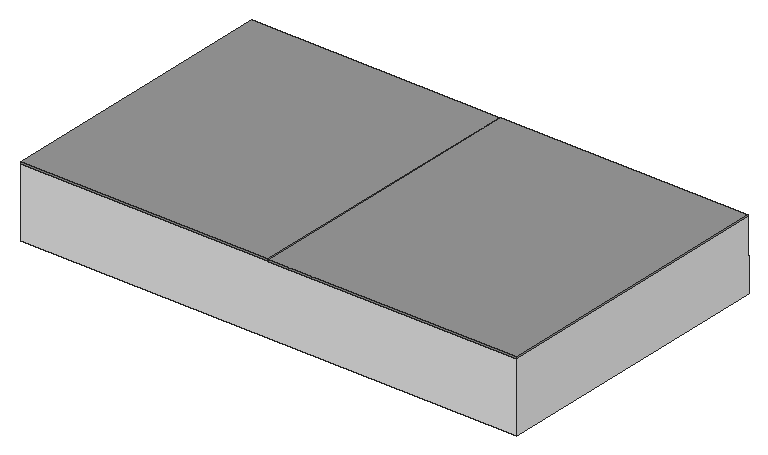
Revit family "UNB_Specchio_Multiproduct_BIM_IT_T3588;T3589;T3590;T3591;T3592;T3593_NEW", category Plumbing Fixtures, host Face, Revit 2017
Family settings
  Host = Face
  Round Connector Dimension = Use Diameter
  Part Type = Normal
  Cut with Voids When Loaded = No
  Shared = No
  Room Calculation Point = No
Parameters (values of type "T3593 - 1200 x 700 mirror cabinets")
  VersioneClassificazioneUni2015 = "IfcFurnitureType"
  Versione = "1"
  ValoreDellaSuperficie = "n/a"
  UnitàVolume = "litro"
  UnitàSuperficie = "millimetro"
  UnitàMonetaria = "€"
  UnitàLineare = "millimetro"
  UnitàDurataGaranzia = "anno"
  UnitàDurata = "anno"
  URL = "http://www.idealstandard.it"
  TipologiaVaso = "Altro"
  TipoEspotazioneIfc = "IfcFurnitureType"
  TipoDiDato = "Fisso"
  Telefono = "800 652 290"
  Spazio = "interno"
  Sostenibilità = "n/a"
  SingleUnitsOnly = no
  RiferimentoClassificazioneUni2015 = "MIRRORS"
  Riferimento = "T3593"
  Revisione = "1"
  ProfonditàNominale = 170 mm
  Produttore = "info@idealstandard.it"
  PesoNetto = "26.00 Kg"
  PesoLordo = "n/a"
  PartiDiRicambio = "http://www.idealstandard.it"
  NumeroDiModello = "T3593AL"
  NomeOggettoBim = "ISI_IdealStandard_Specchio_T3593"
  Nome = "ISI_IdealStandard_Specchio_T3593"
  ModelloDiRiferimento = "SPECCHIO CONT. LOW 120X70 MATT AL"
  Model = "T3593AL"
  Materiale = "bicchiere"
  Manufacturer = "info@idealstandard.it"
  LunghezzaNominale = 170 mm
  LarghezzaNominale = 1200 mm
  InstruzioniInstallazione = "http://www.idealstandard.it"
  InformazioniGaranzia = "info@idealstandard.it"
  InformazioniDiProdotto = "http://www.idealstandard.it"
  InformaziniGaranzia = "info@idealstandard.it"
  IfcEsportaCome = "BATHROOM FURNITURE"
  Grado = "n/a"
  GaranziaInstallazione = "n/a"
  Garanzia = "garanzia del produttore"
  Forma = "rettangolare"
  Finitura = "specchio"
  DurataGaranziaProdotti = "n/a"
  DurataGaranziaLegale = "n/a"
  DurataGaranzia = "n/a"
  DoubleUnitsOnly = not(SingleUnitsOnly)  # yes
  DistribuitoDa = "n/a"
  Dimensione = ""
  DescrizioneClassifcazioneUni2015 = "Bathroom furniture"
  Description = "SPECCHIO CONT. LOW 120X70 MATT AL"
  Default Elevation = 1500 mm
  Creato = "Ideal Standard"
  CostoDiSostituzione = 0
  Cost = 0
  Connessione = "piombatura"
  Componenti = "n/a"
  Colore = "specchio"
  CodiceRiferimento = "n/a"
  CodiceDiPrestazione = "EN"
  CodiceArticolo = "n/a"
  CodiceABarre = "8014140447979"
  CicloDiVitaDelProdotto = "n/a"
  Caratteristiche = "SPECCHIO CONT. LOW 120X70 MATT AL"
  Brand = "Ideal Standard"
  Autore = "Ideal Standard"
  AltezzaNominale = 700 mm
  Aiuto = "info@idealstandard.it"
  Accessori = "http://www.idealstandard.it"
  Accesso = "n/a"
Types (6, lengths in mm): name | SingleUnitsOnly | Riferimento | PesoNetto | NumeroDiModello | NomeOggettoBim | Nome | ModelloDiRiferimento | Model | LarghezzaNominale | DoubleUnitsOnly | Description | CodiceABarre | Caratteristiche
  T3588 - 500 x 700 mirror cabinets | yes | "T3588" | "14.50 Kg" | "T3588AL" | "ISI_IdealStandard_Specchio_T3588" | "ISI_IdealStandard_Specchio_T3588" | "SPECCHIO CONT. LOW 50X70 MATT AL" | "T3588AL" | 500 | no | "SPECCHIO CONT. LOW 50X70 MATT AL" | "8014140447870" | "SPECCHIO CONT. LOW 50X70 MATT AL"
  T3589 - 600 x 700 mirror cabinets | yes | "T3589" | "16.00 Kg" | "T3589AL" | "ISI_IdealStandard_Specchio_T3589" | "ISI_IdealStandard_Specchio_T3589" | "SPECCHIO CONT. LOW 60X70 MATT AL" | "T3589AL" | 600 | no | "SPECCHIO CONT. LOW 60X70 MATT AL" | "8014140447894" | "SPECCHIO CONT. LOW 60X70 MATT AL"
  T3590 - 700 x 700 mirror cabinets | no | "T3590" | "18.00 Kg" | "T3590AL" | "ISI_IdealStandard_Specchio_T3590" | "ISI_IdealStandard_Specchio_T3590" | "SPECCHIO CONT. LOW 70X70 MATT AL" | "T3590AL" | 700 | yes | "SPECCHIO CONT. LOW 70X70 MATT AL" | "8014140447917" | "SPECCHIO CONT. LOW 70X70 MATT AL"
  T3591 - 800 x 700 mirror cabinets | no | "T3591" | "20.00 Kg" | "T3591AL" | "ISI_IdealStandard_Specchio_T3591" | "ISI_IdealStandard_Specchio_T3591" | "SPECCHIO CONT. LOW 80X70 MATT AL" | "T3591AL" | 800 | yes | "SPECCHIO CONT. LOW 80X70 MATT AL" | "8014140447931" | "SPECCHIO CONT. LOW 80X70 MATT AL"
  T3592 - 1000 x 700 mirror cabinets | no | "T3592" | "24.00 Kg" | "T3592AL" | "ISI_IdealStandard_Specchio_T3592" | "ISI_IdealStandard_Specchio_T3592" | "SPECCHIO CONT. LOW 100X70 MATT AL" | "T3592AL" | 1000 | yes | "SPECCHIO CONT. LOW 100X70 MATT AL" | "8014140447955" | "SPECCHIO CONT. LOW 100X70 MATT AL"
  T3593 - 1200 x 700 mirror cabinets | no | "T3593" | "26.00 Kg" | "T3593AL" | "ISI_IdealStandard_Specchio_T3593" | "ISI_IdealStandard_Specchio_T3593" | "SPECCHIO CONT. LOW 120X70 MATT AL" | "T3593AL" | 1200 | yes | "SPECCHIO CONT. LOW 120X70 MATT AL" | "8014140447979" | "SPECCHIO CONT. LOW 120X70 MATT AL"
Reference planes
  plane 1 "Center (Front/Back)": y = 0
  plane 2: z = 0
  plane 3 "Center (Left/Right)": x = 0
  plane 4: x = -600
  plane 5: x = 600
  plane 6: y = 350
  plane 7: y = -350
  plane 8: x = -1.5
  plane 9: x = 1.5
  plane 10: z = 166
  plane 11: z = 170
Forms (mm)
  Extrusion 1, solid, material "ISI_IdealStandard_Cabinet_WhiteLaminate_Render"
    sketch origin (0, 20.991, -18) x (0, 1, 0) y (-1, 0, 0)
      loop
        line (329.009, 600) -> (-370.991, 600) -> (-370.991, -600) -> (329.009, -600) -> (329.009, 600)
    from 18 to 184
  Extrusion 2, solid, material "ISI_IdealStandard_Mirror_MirrorGlazing_Render", visible <- "SingleUnitsOnly"
    sketch origin (-1524, -4572, 166) x (-1, 0, 0) y (0, -1, 0)
      loop
        line (-924, -4922) -> (-924, -4222) -> (-2124, -4222) -> (-2124, -4922) -> (-924, -4922)
    from 0 to 4
  Extrusion 3, solid, material "ISI_IdealStandard_Mirror_MirrorGlazing_Render", visible <- "DoubleUnitsOnly"
    sketch origin (-1524, -4572, 166) x (-1, 0, 0) y (0, -1, 0)
      loop
        line (-924, -4922) -> (-924, -4222) -> (-1522.5, -4222) -> (-1522.5, -4922) -> (-924, -4922)
      loop
        line (-1525.5, -4922) -> (-1525.5, -4222) -> (-2124, -4222) -> (-2124, -4922) -> (-1525.5, -4922)
    from 0 to 4
Dimensions and locks
  equal spacing: plane 4, plane 3 "Center (Left/Right)", plane 5
  "LarghezzaNominale": plane 4 to plane 5
  plane 6 to plane 1 "Center (Front/Back)" to plane 7 = 350 mm, 350 mm
  "AltezzaNominale": plane 6 to plane 7
  locked: plane 8 to plane 9 at 3
  equal spacing: plane 8, plane 3 "Center (Left/Right)", plane 9
  locked: plane 11 to plane 10 at 4
  "ProfonditàNominale": plane 11 to plane 2
  aligned and locked: plane 2 to host face
  aligned and locked: level to host face
  aligned and locked: Extrusion 2 sketch curve to plane 6
  aligned and locked: plane 4 to Extrusion 2 sketch curve
  aligned and locked: plane 7 to Extrusion 2 sketch curve
  aligned and locked: Extrusion 2 sketch curve to plane 5
  aligned and locked: plane 5 to Extrusion 1
  aligned and locked: plane 6 to Extrusion 1
  aligned and locked: Extrusion 1 to plane 4
  aligned and locked: Extrusion 1 to plane 7
  aligned and locked: Extrusion 3 sketch curve to Extrusion 1  (x4)
  aligned and locked: plane 7 to Extrusion 3 sketch curve
  aligned and locked: Extrusion 3 sketch curve to plane 8
  aligned and locked: Extrusion 3 sketch curve to plane 6
  aligned and locked: Extrusion 3 sketch curve to plane 9
  aligned and locked: plane 10 to Extrusion 1
  aligned and locked: plane 11 to Extrusion 3
Automatic sketch dimensions
  host sketch curve to host sketch curve = 2438.4 mm  (x2)
  Extrusion 1 sketch curve to plane 4 = 0 mm
  Extrusion 1 sketch curve to plane 7 = 0 mm
  Extrusion 1 sketch curve to plane 6 = 0 mm
  Extrusion 1 sketch curve to plane 5 = 0 mm
